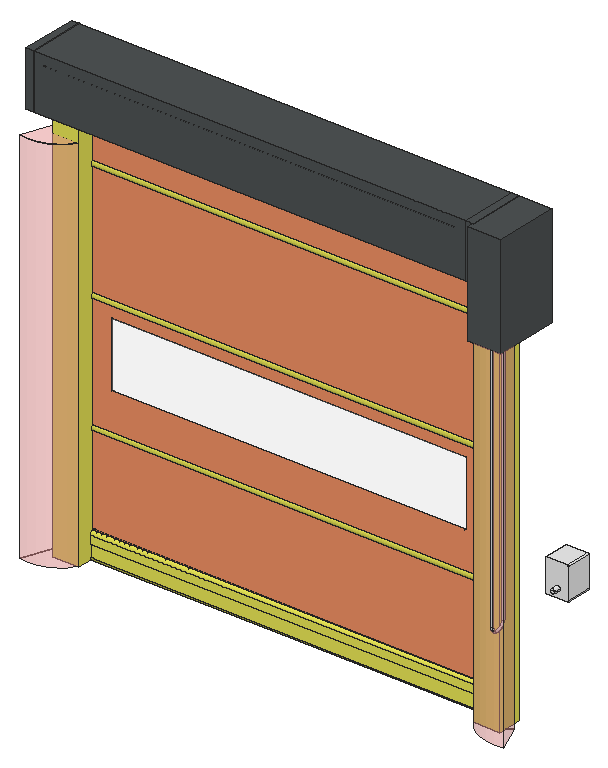
Revit family "Doors_Industrial_Wayne-Dalton_Strutted-Exterior-High-Speed-Fabric-Doors-Model-883-ADV-Xtreme", category Specialty Equipment, host Wall, Revit 2026
Family settings
  Host = Wall
  Round Connector Dimension = Use Diameter
  Part Type = Normal
  Classification Number = 23.30.10.21.34
  Enable Cutting in Views = No
  Always vertical = Yes
  Cut with Voids When Loaded = No
  Maintain Annotation Orientation = No
  Shared = No
  Room Calculation Point = No
Parameters (values of type "115 volts, one phase, 60 Hz (110-120V range)")
  Vision Panels [instance] = yes
  True Width [instance] = [Door Width (Real)]  # 120"
  True Height [instance] = [Door Height (Real)] + 6 1/2"  # 126 1/2"
  Three Phase Controller [instance] = not(One Phase Controller)  # no
  Rough Width [instance] = [Door Width (Real)]  # 120"
  Rough Height [instance] = [Door Height (Real)] - 4 1/2"  # 115 1/2"
  Product Page URL = "https://www.wayne-dalton.com/high-speed-exterior-fabric-door-883"
  Powder Coat (Note) = "Standard color for guides and bottom bar is yellow. Approximately 200 optional RAL powder coat colors are also available."  # constant formula
  Panel Material [instance] = PVC - Wayne Dalton - Orange (Exterior)
  One Phase Controller [instance] = if(Number of Poles = 1, 1 = 1, 1 = 2)  # yes
  Motor Cover [instance] = yes
  Hood Type [instance] = if(or(Hood Option < 1, Hood Option = 1), "Standard", "Sloped")  # "Standard"
  Hood Material = Metal - Wayne Dalton - Black
  Headroom Height [instance] = if(or(Hood Option < 1, Hood Option = 1), 27 1/2", if(or(Hood Option > 2, Hood Option = 2), 36 1/2", 36 1/2"))  # 27 1/2"
  Hood Option [instance] = 1
  External Transformer = if(or(Voltage = 208 V, Voltage = 575 V), 1 = 1, 1 = 2)  # no
  Door Width (Real) [instance] = if(Door Width > Max Door Width, Max Door Width, if(Door Width < Min Door Width, Min Door Width, Door Width))  # 120"
  Door Height (Real) [instance] = if(Door Height > Max Door Height, Max Door Height, if(Door Height < Min Door Height, Min Door Height, Door Height))  # 120"
  Voltage = 115 V
  URL = "https://www.wayne-dalton.com/"
  Product data url = "https://www.bimobject.com/wayne-dalton/product/high-speed-exterior-fabric-door-883"
  Product Guid = "d8381a5e-ac78-4f47-b5df-83490f72bf0d"
  Power Factor = 1
  Number of Poles = 1
  Model = "883"  # constant formula
  Min Door Width [instance] = 48"  # constant formula
  Min Door Height [instance] = 72"  # constant formula
  Max Door Width [instance] = 240"  # constant formula
  Max Door Height [instance] = 240"  # constant formula
  Manufacturer = "Wayne Dalton"  # constant formula
  Frequency = 60 Hz  # constant formula
  Wall Closure = By host
  Floor To (CL) of Shaft [instance] = [Door Height (Real)] + 5 1/2"  # 125 1/2"
  Default Elevation = 0"
  Connector Description = "Rapidflex Large Control Panel"  # constant formula
  Finish Material = Finish - Wayne Dalton - Yellow
  Door Width [instance] = 120"
  Door Height [instance] = 120"
  Description = "Made of a rugged fabric material, Wayne Dalton’s Model 883 ADV-Xtreme strutted high speed fabric door is designed for applications where a fast-acting exterior door is needed. Model 883 ADV-Xtreme’s strutted design allows for quick section replacement, while reducing curtain deflection under pressure. This door is capable of withstanding pressure of up to 19.5 psf. Model 883 ADV-Xtreme is designed to be low maintenance and includes such features as breakaway impact detection and push button self-repair, along with plug and play wiring."  # constant formula
  Current = 20 A
  Clearance [instance] = yes
  Backroom Depth [instance] = 17 1/4"  # constant formula
  Apparent Load Phase 3 = if(Number of Poles = 1, 0 VA, (Voltage * Current * sqrt(3)) / 3)  # 0 VA
  Apparent Load Phase 2 = if(Number of Poles = 1, 0 VA, (Voltage * Current * sqrt(3)) / 3)  # 0 VA
  Apparent Load Phase 1 = if(Number of Poles = 1, Voltage * Current, (Voltage * Current * sqrt(3)) / 3)  # 2300 VA
Reference planes (in)
  plane 1 "Center (Front/Back)": y = 0
  plane 2 "Center (Left/Right)": x = 0
  plane 3 "Left": x = -60
  plane 4 "Right": x = 60
  plane 5 "Exterior": y = 3.00375
  plane 6 "Interior": y = -2.99625
  plane 7: x = 60
  plane 8: x = -60
  plane 9: z = 115.5
  plane 10 "Main": y = -7.11344
  plane 11: y = -20.24625
  plane 12 "Main Door Block": y = -2.99625
  plane 13: z = 47.47
  plane 14: y = -5.16813
  plane 15: y = -5.24829
  plane 16: y = -5.08796
  plane 17: z = 120
Lines and regions (in)
  Opening 1
    outline origin (-90, -2.99625, 0) x (1, 0, 0) y (0, 0, 1)
      loop
        line (30, 0) -> (150, 0) -> (150, 115.5) -> (30, 115.5) -> (30, 0)
Text (in)
  text "Exterior" at (-74.96733, -29.37398, 0), in view "Ref. Level"
  text "Interior" at (-74.96733, 20.10035, 0), in view "Ref. Level"
  text "Exterior" at (0, 40.15149, 123.01588), in view "Right"
  text "Interior" at (0, -64.39139, 123.01588), in view "Right"
  text "Interior" at (0, -31.01599, 123.00693), in view "Left"
  text "Exterior" at (0, 54.57065, 123.00693), in view "Left"
Dimensions and locks (in)
  equal spacing: plane 3 "Left", plane 2 "Center (Left/Right)", plane 4 "Right"
  "Door Width (Real)": plane 3 "Left" to plane 4 "Right"
  level to host wall = 459.59655"
  equal spacing: plane 8, plane 2 "Center (Left/Right)", plane 7
  "Rough Width": plane 7 to plane 8
  "Backroom Depth": plane 6 "Interior" to plane 11
  plane 9 to level = 115 1/2"
  locked: plane 12 "Main Door Block" to plane 10 "Main" at 4.11719
  plane 1 "Center (Front/Back)" to plane 6 "Interior" = 2.99625"
  locked: plane 14 to plane 6 "Interior" at 2.17187
  locked: plane 15 to plane 16 at 0.16033
  equal spacing: plane 15, plane 14, plane 16
  locked: plane 17 to plane 9 at 4.5
  "Door Height (Real)": plane 17 to level
  aligned and locked: Opening 1 sketch curve to level
  aligned and locked: plane 5 "Exterior" to host wall
  aligned and locked: host wall to plane 6 "Interior"
  aligned and locked: plane 8 to Opening 1 sketch curve
  aligned and locked: plane 7 to Opening 1 sketch curve
  aligned and locked: plane 12 "Main Door Block" to plane 6 "Interior"
  aligned and locked: plane 12 "Main Door Block" to nested 1
  aligned and locked: nested 1 to plane 2 "Center (Left/Right)"
  aligned and locked: level to nested 1
  aligned and locked: Opening 1 sketch curve to plane 9
  aligned and locked: plane 2 "Center (Left/Right)" to nested 2
Nested families (in)
  nested 1: "Lifts" at (0, -2.99625, 0) x (-1, 0, 0) z (0, 0, 1), Motor Cover <- "Motor Cover", One Phase Controller <- "One Phase Controller", Three Phase Controller <- "Three Phase Controller", Header Option <- "Hood Option", type "Frame Unit"
    with Three Phase Controller no, Standard Motor Housing yes, Standard Headroom with Break Cover yes, Standard Headroom Hood yes, Sloped Motor Housing no, Sloped Headroom Hood no, Shaft Length 9 1/2", Rod 2 no, Right Motor Position yes, One Phase Controller yes, Motor Cover Off no, Motor Cover yes, Masking Region Right Motor Three Phase no, Masking Region Right Motor no, Headroom Offset 0", Header Option 1, Guid Option 1, Floor To CL Shaft 134 3/4", Electric Operator Position 171 1/2"
  nested 2: "Panel" at (0, -5.08796, 0), type "Panel"
Connectors (in)
  electrical at (85.75194, -10.53625, 47.99806), driven by "Number of Poles", driven by "Voltage", driven by "Apparent Load Phase 1", driven by "Power Factor", driven by "Connector Description", driven by "Apparent Load Phase 2", driven by "Apparent Load Phase 3"
    settings: on nested 1, index 1, voltage 115 V, apparent load 0 VA, apparent load phase1 2300 VA, apparent load phase2 0 VA, apparent load phase3 0 VA, power factor 1, load classification "Other", number of poles 1, system type 31, power factor state 1, is connector primary yes, connector utility no, sub classification motor no, connector description "Rapidflex Large Control Panel"
Definition of nested family "Lifts"
  Parameters (values of type "Frame Unit")
    Three Phase Controller [instance] = no
    Standard Motor Housing [instance] = if(and(Motor Cover, or(Header Option < 1, Header Option = 1)), 1 = 1, 1 = 2)  # no
    Standard Headroom with Break Cover [instance] = yes
    Standard Headroom Hood [instance] = if(and(Hood Option, or(Header Option < 1, Header Option = 1, Header Option = 2)), 1 = 1, 1 = 2)  # yes
    Spool Radius = 4 1/2"
    Sloped Motor Housing [instance] = if(and(Motor Cover, or(Header Option > 2, Header Option = 2)), 1 = 1, 1 = 2)  # yes
    Sloped Headroom Hood [instance] = if(and(Hood Option, or(Header Option > 2, Header Option = 2)), 1 = 1, 1 = 2)  # yes
    Shaft Material = none
    Shaft Length [instance] = 9 1/2"  # constant formula
    Rod 2 [instance] = if(and(not(Motor Cover), Right Motor Position), 1 = 1, 1 = 2)  # no
    Right Motor Position [instance] = yes
    Opening Width = 120"
    One Phase Controller [instance] = yes
    Naked Header = not(Hood Option)  # no
    Motor Cover Off [instance] = not(Motor Cover)  # no
    Motor Cover [instance] = yes
    Masking Region Right Motor Three Phase [instance] = if(and(Right Motor Position, Three Phase Controller), 1 = 1, 1 = 2)  # no
    Masking Region Right Motor [instance] = if(and(Right Motor Position, Motor Cover Off), 1 = 1, 1 = 2)  # no
    Hood Option = yes
    Hood Offset (Real) = if(Hood Offset < 4 1/2", 4 1/2", if(Hood Offset > Opening Height / 2, Opening Height / 2, Hood Offset))  # 4 1/2"
    Hood Offset = 0"
    Hood Material = none
    Headroom Offset [instance] = if(or(Header Option < 1, Header Option = 1), 0", if(or(Header Option > 2, Header Option = 2), 9", 9"))  # 9"
    Headroom Height = 27 1/2"
    Header Width = 17 1/4"
    Header Option [instance] = 2
    Header Height = 16 1/2"
    Guid Width = 8"
    Guid Option [instance] = 1
    Floor To CL Shaft [instance] = Opening Height + Headroom Height - 8 1/4" - Headroom Offset  # 125 3/4"
    External Transformer = no
    Electric Operator Position [instance] = if(Right Motor Position, (25 3/4" * 2 + Opening Width), 0")  # 171 1/2"
    Clearance = yes
    Opening Height = 115 1/2"
    Finish Material = none
    Bottom Bar = yes
    Analytic Construction = "<None>"
  Reference planes (in)
    plane 1 "Center (Front/Back)": y = 0
    plane 2: z = 0
    plane 3 "Center (Left/Right)": x = 0
    plane 4 "Left": x = -60
    plane 5 "Right": x = 60
    plane 6 "Center Line of Shaft": z = 125.75
    plane 7 "Headroom Top": z = 134
    plane 8 "Opening Height": z = 115.5
    plane 9: x = -77.38
    plane 10 "Shaft": x = -75.54413
    plane 11 "Box": x = -85.75
    plane 12 "EBOX": z = 48
    plane 13: z = 39.09375
    plane 14: z = 56.90625
    plane 15: z = 43.5
    plane 16: y = 7.54
    plane 17: z = 117.5
    plane 18: y = 17.25
    plane 19: x = 69.5
    plane 20: x = 68
    plane 21: x = -68
    plane 22: x = -78
    plane 23: x = -93.5
    plane 24: y = 5.75
    plane 25: y = 2.17
    plane 26 "Center L/MM": x = 85.75
    plane 27: z = 53
    plane 28: z = 43
    plane 29: x = -82.25
    plane 30: x = -89.25
    plane 31: y = 7.54
    plane 32 "1": z = 45.56
    plane 33 "Sloped motor LH": x = -71.125
    plane 34 "Sloped motor RH": x = 71.125
    plane 35: z = 143
    plane 36: y = 5.75
  Forms (in)
    Extrusion 1, solid, material <- "Shaft Material"
      sketch origin (0, 0, 0) x (0, 1, 0) y (0, 0, 1)
        loop
          circle (8.625, 125.75) r 0.78
      from -77.38 to 69.5
    Extrusion 2, solid, visible <- "Three Phase Controller"
      sketch origin (-1.95651, 0, 0) x (1, 0, 0) y (0, 0, 1)
        loop
          line (-76.54349, 56.90625) -> (-91.04349, 56.90625)
          arc (-91.04349, 56.90625) -> (-91.39704, 56.7598) -> (-91.54349, 56.40625) r 0.5
          line (-91.54349, 56.40625) -> (-91.54349, 39.59375)
          arc (-91.54349, 39.59375) -> (-91.39704, 39.2402) -> (-91.04349, 39.09375) r 0.5
          line (-91.04349, 39.09375) -> (-76.54349, 39.09375)
          arc (-76.54349, 39.09375) -> (-76.18993, 39.2402) -> (-76.04349, 39.59375) r 0.5
          line (-76.04349, 39.59375) -> (-76.04349, 56.40625)
          arc (-76.04349, 56.40625) -> (-76.18993, 56.7598) -> (-76.54349, 56.90625) r 0.5
      from -7.54 to 0
    Revolve 3, solid, visible <- "Three Phase Controller"
      sketch origin (-55.03203, -180, 43.5) x (-1, 0, 0) y (0, -1, 0)
        loop
          line (27.35797, -187.54) -> (26.60797, -187.54) -> (26.75797, -189.312) -> (27.35797, -189.312) -> (27.35797, -187.54)
        axis (27.35797, -187.54) -> (27.35797, -189.312)
      angle from 0 to 360
    Extrusion 4, solid, material <- "Finish Material"
      sketch origin (0, 0, 0) x (1, 0, 0) y (0, 1, 0)
        loop
          line (-68, 0) -> (-60, 0) -> (-60, 7.21875) -> (-68, 7.21875) -> (-68, 0)
        loop
          line (68, 0) -> (68, 7.21875) -> (60, 7.21875) -> (60, 0) -> (68, 0)
      from 0 to 117.5
    Extrusion 5, solid, material <- "Hood Material", visible <- "Standard Headroom Hood"
      sketch origin (0, 0, 0) x (0, 1, 0) y (0, 0, 1)
        loop
          line (0, 117.5) -> (17.25, 117.5) -> (17.25, 134) -> (0, 134) -> (0, 117.5)
      from -68 to 68
    Sweep 6, solid, material <- "Hood Material"
      path origin (0, 0, 0) x (0, 1, 0) y (0, 0, 1)
        loop
          line (0, 117.5) -> (17.25, 117.5) -> (17.25, 134) -> (0, 134) -> (0, 117.5)
      profile origin (0, 0, 125.75) x (0, -1, 0) y (1, 0, 0)
        loop
          line (0, -68) -> (0, -65.8) -> (-0.5, -65.8) -> (-0.5, -68) -> (0, -68)
        loop
          line (0, 68) -> (-0.5, 68) -> (-0.5, 65.80145) -> (0, 65.80145) -> (0, 68)
    Extrusion 7, solid, material <- "Hood Material"
      sketch origin (0, 0, 0) x (1, 0, 0) y (0, 1, 0)
        loop
          line (68, 0) -> (68, 17.25) -> (67.495, 17.25) -> (67.495, 0) -> (68, 0)
        loop
          line (-68, 0) -> (-67.495, 0) -> (-67.495, 17.25) -> (-68, 17.25) -> (-68, 0)
      from 117.5 to 134
    Extrusion 8, solid, material <- "Hood Material"
      sketch origin (-60, -60, 48) x (0, -1, 0) y (0, 0, 1)
        loop
          circle (-68.62, 77.75) r 4.5
      from 7.24519 to 6.06954
    Extrusion 9, solid, visible <- "External Transformer"
      sketch origin (0, 0, 48) x (1, 0, 0) y (0, 1, 0)
        loop
          line (-92.625, 0) -> (-78.875, 0) -> (-78.875, 0.125) -> (-81.25, 0.125) -> (-81.25, 9.3125) -> (-90.25, 9.3125) -> (-90.25, 0.125) -> (-92.625, 0.125) -> (-92.625, 0)
      from -19.13 to -10
    Extrusion 10, solid, visible <- "Clearance"
      sketch origin (0, 0, 0) x (1, 0, 0) y (0, 1, 0)
        loop
          arc (-60, 7.21875) -> (-65.92575, 12.04695) -> (-73.5406, 12.71032) r 13
          line (-73.5406, 12.71032) -> (-70.07548, 4.13387) -> (-68, 5.33215) -> (-68, 7.21875) -> (-60, 7.21875)
        loop
          line (60, 7.21875) -> (68, 7.21875) -> (68, 5.33215) -> (70.07548, 4.13387) -> (73.5406, 12.71032)
          arc (73.5406, 12.71032) -> (65.92575, 12.04695) -> (60, 7.21875) r 13
      from 0 to 115.5
    Extrusion 11, solid, material <- "Finish Material"
      sketch origin (0, 0, 0) x (0, 1, 0) y (0, 0, 1)
        loop
          arc (3.09, 7.16) -> (2.86326, 7.8255) -> (2.27736, 8.21412) r 1.09
          arc (2.27736, 8.21412) -> (2.24377, 8.18602) -> (2.22831, 8.14505) r 0.08624
          arc (2.22831, 8.14505) -> (2.17, 7.81318) -> (2.11169, 8.14505) r 0.17106
          arc (2.11169, 8.14505) -> (2.09623, 8.18602) -> (2.06264, 8.21412) r 0.08624
          arc (2.06264, 8.21412) -> (1.47674, 7.8255) -> (1.25, 7.16) r 1.09
          line (1.25, 7.16) -> (1.25, 4.64381) -> (1.48036, 4.64381) -> (1.48036, 0.69)
          arc (1.48036, 0.69) -> (1.68233, 0.20222) -> (2.17, 0) r 0.69
          arc (2.17, 0) -> (2.65767, 0.20222) -> (2.85964, 0.69) r 0.69
          line (2.85964, 0.69) -> (2.85964, 4.64381) -> (3.09, 4.64381) -> (3.09, 7.16)
      from -60 to 60
    Extrusion 12, solid, visible <- "One Phase Controller"
      sketch origin (0, 0, 0) x (1, 0, 0) y (0, 0, 1)
        loop
          line (-82.66553, 53) -> (-88.85, 53)
          arc (-88.85, 53) -> (-89.13284, 52.88284) -> (-89.25, 52.6) r 0.4
          line (-89.25, 52.6) -> (-89.25, 43.4)
          arc (-89.25, 43.4) -> (-89.13284, 43.11716) -> (-88.85, 43) r 0.4
          line (-88.85, 43) -> (-82.65, 43)
          arc (-82.65, 43) -> (-82.36716, 43.11716) -> (-82.25, 43.4) r 0.4
          line (-82.25, 43.4) -> (-82.25, 52.58447)
          arc (-82.25, 52.58447) -> (-82.37171, 52.87829) -> (-82.66553, 53) r 0.41553
      from -7.54 to 0
    Revolve 13, solid, visible <- "One Phase Controller"
      sketch origin (0, 0, 45.56) x (-1, 0, 0) y (0, -1, 0)
        loop
          line (85.75, -9.3125) -> (85.75, -7.54) -> (85, -7.54) -> (85.15, -9.3125) -> (85.75, -9.3125)
        axis (85.75, -9.3125) -> (85.75, -7.54)
      angle from 0 to 360
    Extrusion 14, solid, material <- "Hood Material"
      sketch origin (60, -60, 48) x (0, -1, 0) y (0, 0, -1)
        loop
          circle (-68.62, -77.75) r 4.5
      from 7.24519 to 6.06954
    Extrusion 15, solid, material <- "Hood Material", visible <- "Sloped Headroom Hood"
      sketch origin (0, 0.784, 29.19) x (0, 1, 0) y (0, 0, 1)
        loop
          line (16.466, 88.31) -> (16.466, 106.31) -> (-0.784, 113.81) -> (-0.784, 88.31) -> (16.466, 88.31)
        loop
          line (15.966, 104.31) -> (-0.284, 104.31) -> (-0.284, 88.81) -> (15.966, 88.81) -> (15.966, 104.31)
      from -68 to 68
  Cuts and joins
    joined: Sweep 6, Extrusion 7
  Lines and regions (in)
    Masking region 1, visible <- "Three Phase Controller"
      outline origin (0, 0, 0) x (1, 0, 0) y (0, 1, 0)
        loop
          line (-93.5, 0) -> (-78, 0) -> (-78, 7.54) -> (-93.5, 7.54) -> (-93.5, 0)
    Masking region 2, visible <- "Masking Region Right Motor Three Phase"
      outline origin (0, 0, 0) x (1, 0, 0) y (0, 1, 0)
        loop
          line (-81.64, 7.54) -> (-81.79, 9.312) -> (-82.99, 9.312) -> (-83.14, 7.54) -> (-81.64, 7.54)
    Masking region 3, visible <- "External Transformer"
      outline origin (0, 0, 0) x (1, 0, 0) y (0, 1, 0)
        loop
          line (-90.25, 7.54) -> (-81.25, 7.54) -> (-81.25, 9.3125) -> (-90.25, 9.3125) -> (-90.25, 7.54)
    Masking region 4, not visible
      outline origin (-205.49871, -5.75, 0) x (0, 1, 0) y (-1, 0, 0)
        loop
          line (13.29, -115.63871) -> (13.29, -117.13871) -> (15.062, -116.98871) -> (15.062, -115.78871) -> (13.29, -115.63871)
    Masking region 5, visible <- "Hood Option"
      outline origin (0, 0, 0) x (1, 0, 0) y (0, 1, 0)
        loop
          line (-68, 17.25) -> (-68, 0) -> (68, 0) -> (68, 17.25) -> (-68, 17.25)
    Masking region 6, visible <- "One Phase Controller"
      outline origin (0, 0, 0) x (1, 0, 0) y (0, 1, 0)
        loop
          line (-89.25, 7.54) -> (-89.25, 0) -> (-82.27704, 0) -> (-82.27704, 7.54) -> (-89.25, 7.54)
    Masking region 7, visible <- "One Phase Controller"
      outline origin (0, 0, 0) x (1, 0, 0) y (0, 1, 0)
        loop
          line (-86.35, 9.3125) -> (-86.5, 7.54) -> (-85, 7.54) -> (-85.15, 9.3125) -> (-86.35, 9.3125)
    Masking region 8, visible <- "Right Motor Position"
      outline origin (0, 0, 0) x (1, 0, 0) y (0, 1, 0)
        loop
          line (68, 9.40101) -> (68, 7.84631) -> (69.5, 7.84631) -> (69.5, 9.40101) -> (68, 9.40101)
    Masking region 9, visible <- "Rod 2"
      outline origin (0, 0, 0) x (0, 1, 0) y (-1, 0, 0)
        loop
          line (9.40101, 77.38) -> (7.84631, 77.38) -> (7.84631, 76.22375) -> (8.19397, 76.22375) -> (8.19397, 75.69375) -> (9.40101, 75.69375) -> (9.40101, 77.38)
        loop
          line (9.40101, 68) -> (9.40101, 69.93) -> (8.71101, 69.93) -> (8.71101, 71.16) -> (9.40101, 71.16) -> (9.40101, 71.76) -> (8.19397, 71.76) -> (8.19397, 71.23) -> (7.84631, 71.23) -> (7.84631, 68) -> (9.40101, 68)
    symbolic lines, not visible
      curve 1: line (-65.8, 7.78111, 0) -> (-65.8, 6.21995, 0)
      curve 2: line (65.80145, 7.78111, 0) -> (65.80145, 5.875, 0)
      curve 3: line (60, 1.09992, 0) -> (60, 0, 0)
    symbolic lines
      curve 4: line (-65.8, 17.25, 0) -> (-65.8, 0, 0)
      curve 5: line (65.80145, 17.25, 0) -> (65.80145, 0, 0)
  Dimensions and locks (in)
    equal spacing: plane 4 "Left", plane 3 "Center (Left/Right)", plane 5 "Right"
    "Opening Width": plane 4 "Left" to plane 5 "Right"
    "Header Height": plane 7 "Headroom Top" to plane 17
    "Opening Height": plane 8 "Opening Height" to level
    locked: level to plane 12 "EBOX" at 48
    locked: plane 11 "Box" to Revolve 3 sketch curve at 3.36
    equal spacing: plane 14, plane 12 "EBOX", plane 13
    locked: plane 12 "EBOX" to plane 15 at 4.5
    locked: plane 13 to plane 14 at 17.8125
    locked: plane 10 "Shaft" to plane 4 "Left" at 15.54413
    plane 11 "Box" to plane 10 "Shaft" = 10.20587"
    locked: plane 16 to plane 1 "Center (Front/Back)" at 7.54
    locked: Revolve 3 sketch curve to Revolve 3 sketch curve at 0.6
    locked: Revolve 3 sketch curve to Revolve 3 sketch curve at 0.75
    locked: plane 16 to Revolve 3 sketch curve at 1.772
    "Guid Width": Extrusion 4 sketch curve to plane 4 "Left"
    locked: plane 1 "Center (Front/Back)" to Extrusion 4 sketch curve at 7.21875
    "Header Width": plane 1 "Center (Front/Back)" to Extrusion 5 sketch curve
    Extrusion 5 to plane 4 "Left" = 8"
    plane 5 "Right" to Extrusion 5 = 8"
    "Header Width": plane 1 "Center (Front/Back)" to Sweep 6 sketch curve
    "Header Width": plane 1 "Center (Front/Back)" to Extrusion 7 sketch curve  (x2)
    "Header Width": plane 1 "Center (Front/Back)" to plane 18
    plane 21 to nested 1 = 5.729"
    "Guid Width": plane 4 "Left" to plane 21
    "Guid Width": plane 5 "Right" to plane 20
    locked: Extrusion 7 sketch curve to plane 20 at 0.505
    locked: plane 21 to Extrusion 7 sketch curve at 0.505
    locked: plane 11 "Box" to plane 23 at 7.75
    locked: plane 22 to plane 11 "Box" at 7.75
    locked: plane 1 "Center (Front/Back)" to Extrusion 9 sketch curve at 0.125
    locked: plane 11 "Box" to Extrusion 9 sketch curve at 4.5
    locked: Extrusion 9 sketch curve to plane 11 "Box" at 4.5
    locked: Extrusion 9 sketch curve to plane 11 "Box" at 6.875
    locked: plane 11 "Box" to Extrusion 9 sketch curve at 6.875
    plane 1 "Center (Front/Back)" to Extrusion 9 sketch curve = 9 5/16"
    locked: plane 18 to Extrusion 8 sketch curve at 8.63
    plane 18 to Extrusion 1 sketch curve = 8 5/8"
    locked: Extrusion 4 sketch curve to Extrusion 4 sketch curve at 7.21875
    "Guid Width": Extrusion 4 sketch curve to Extrusion 4 sketch curve
    plane 20 to plane 21 = 136"
    locked: cut or joined group of Sweep 6, Extrusion 7 to Sweep 6 sketch curve at 0.5
    locked: plane 1 "Center (Front/Back)" to plane 25 at 2.17
    "Electric Operator Position": plane 11 "Box" to plane 26 "Center L/MM"
    equal spacing: Masking region 1 sketch curve, plane 11 "Box", Masking region 1 sketch curve
    locked: Masking region 1 sketch curve to Masking region 1 sketch curve at 15.5
    "Floor To CL Shaft": plane 6 "Center Line of Shaft" to plane 2
    plane 8 "Opening Height" to level = 115 1/2"
    equal spacing: plane 28, plane 12 "EBOX", plane 27
    locked: plane 28 to plane 27 at 10
    locked: plane 1 "Center (Front/Back)" to plane 31 at 7.54
    locked: plane 31 to Revolve 13 sketch curve at 1.7725
    locked: plane 12 "EBOX" to plane 32 "1" at 2.44
    locked: plane 11 "Box" to Revolve 13 sketch curve at 0.75
    locked: plane 11 "Box" to Revolve 13 sketch curve at 0.6
    locked: Extrusion 11 sketch curve to plane 2 at 8.22233
    equal spacing: Extrusion 11 sketch curve, plane 25, Extrusion 11 sketch curve  (x2)
    locked: Extrusion 11 sketch curve to Extrusion 11 sketch curve at 1.37927
    locked: Extrusion 11 sketch curve to plane 2 at 4.64381
    locked: Extrusion 11 sketch curve to plane 2 at 7.98424
    equal spacing: plane 34 "Sloped motor RH", plane 3 "Center (Left/Right)", plane 33 "Sloped motor LH"
    locked: plane 4 "Left" to plane 33 "Sloped motor LH" at 11.125
    "Shaft Length": plane 5 "Right" to plane 19
    locked: plane 9 to plane 4 "Left" at 17.38
    "Headroom Offset": plane 35 to plane 7 "Headroom Top"
    "Headroom Height": plane 35 to plane 8 "Opening Height"
    locked: plane 29 to plane 11 "Box" at 3.5
    locked: plane 11 "Box" to plane 30 at 3.5
    locked: plane 20 to plane 26 "Center L/MM" at 17.75
    plane 5 "Right" to plane 26 "Center L/MM" = 25 3/4"
    locked: plane 1 "Center (Front/Back)" to Extrusion 10 sketch curve at 13
    locked: plane 21 to Sweep 6 sketch curve at 2.2
    locked: Sweep 6 sketch curve to plane 20 at 2.19855
    locked: Extrusion 14 to plane 20 at 0.75481
    locked: plane 21 to Extrusion 8 at 0.75481
    locked: Extrusion 8 to Extrusion 8 at 1.17565
    locked: Extrusion 14 to Extrusion 14 at 1.17565
    locked: Extrusion 11 sketch curve to Extrusion 11 sketch curve at 1.84
    locked: Extrusion 15 sketch curve to cut or joined group of Sweep 6, Extrusion 7 at 0.5
    locked: plane 18 to Extrusion 14 sketch curve at 8.63
    locked: plane 9 to Masking region 9 sketch curve at 1.68625
    locked: Masking region 9 sketch curve to plane 21 at 1.93
    locked: Masking region 9 sketch curve to Masking region 9 sketch curve at 1.23
    locked: Masking region 9 sketch curve to Masking region 9 sketch curve at 0.6
    locked: Masking region 9 sketch curve to Masking region 9 sketch curve at 1.20704
    locked: Masking region 9 sketch curve to Masking region 9 sketch curve at 0.69
    locked: Extrusion 15 sketch curve to Extrusion 15 sketch curve at 25.5
    plane 26 "Center L/MM" to plane 19 = 16 1/4"
    locked: Extrusion 1 sketch curve to Extrusion 1 sketch curve (radius 0.78")
    "Spool Radius": radius of Extrusion 8 sketch curve
    "Spool Radius": radius of Extrusion 14 sketch curve
    radius of Extrusion 10 sketch curve = 13"  (x2)
    locked: Revolve 3 to Masking region 2 sketch curve (angle 85.1614°)
    locked: Masking region 2 sketch curve to Revolve 3 (angle 85.1614°)
    locked: Masking region 7 sketch curve to Revolve 13 (angle 85.1628°)
    locked: Revolve 13 to Masking region 7 sketch curve (angle 85.1628°)
    locked: Extrusion 15 sketch curve to Extrusion 15 sketch curve (angle 66.5014°)
    locked: Extrusion 15 sketch curve to Extrusion 15 sketch curve (angle 113.499°)
    aligned and locked: plane 2 to level
    aligned and locked: plane 9 to Extrusion 1
    aligned and locked: Extrusion 2 to plane 1 "Center (Front/Back)"
    aligned and locked: Extrusion 2 sketch curve to plane 13
    aligned and locked: plane 14 to Extrusion 2 sketch curve
    aligned and locked: Revolve 3 sketch curve to Revolve 3 sketch curve
    aligned and locked: plane 16 to Revolve 3 sketch curve
    aligned and locked: plane 1 "Center (Front/Back)" to Extrusion 5 sketch curve
    aligned and locked: Extrusion 5 sketch curve to plane 7 "Headroom Top"
    aligned and locked: Extrusion 5 to plane 17
    aligned and locked: plane 17 to Extrusion 5 sketch curve
    aligned and locked: plane 17 to Extrusion 4
    aligned and locked: plane 1 "Center (Front/Back)" to Sweep 6 sketch curve
    aligned and locked: Sweep 6 sketch curve to plane 7 "Headroom Top"
    aligned and locked: Sweep 6 sketch curve to plane 17
    aligned and locked: profile plane to Sweep 6 sketch curve
    aligned and locked: Extrusion 7 sketch curve to plane 1 "Center (Front/Back)"  (x2)
    aligned and locked: plane 7 "Headroom Top" to Extrusion 7
    aligned and locked: Extrusion 7 to plane 17
    aligned and locked: Masking region 2 sketch curve to Revolve 3  (x2)
    aligned and locked: Extrusion 1 to plane 19
    aligned and locked: Extrusion 7 sketch curve to plane 21
    aligned and locked: Extrusion 7 sketch curve to plane 20
    aligned and locked: plane 22 to Extrusion 2 sketch curve
    aligned and locked: plane 23 to Extrusion 2 sketch curve
    aligned and locked: Extrusion 9 sketch curve to plane 1 "Center (Front/Back)"
    aligned and locked: Extrusion 9 sketch curve to Extrusion 9 sketch curve
    aligned and locked: Masking region 3 sketch curve to Extrusion 9  (x2)
    aligned and locked: Extrusion 9 to Masking region 3 sketch curve
    aligned and locked: plane 6 "Center Line of Shaft" to Extrusion 8 sketch curve
    aligned and locked: plane 6 "Center Line of Shaft" to Extrusion 1 sketch curve
    aligned and locked: Extrusion 4 sketch curve to plane 1 "Center (Front/Back)"  (x2)
    aligned and locked: plane 20 to Extrusion 4 sketch curve
    aligned and locked: Extrusion 10 to level
    aligned and locked: cut or joined group of Sweep 6, Extrusion 7 to plane 21
    aligned and locked: cut or joined group of Sweep 6, Extrusion 7 to plane 18  (x2)
    aligned and locked: cut or joined group of Sweep 6, Extrusion 7 to plane 1 "Center (Front/Back)"
    aligned and locked: plane 1 "Center (Front/Back)" to cut or joined group of Sweep 6, Extrusion 7
    aligned and locked: plane 20 to cut or joined group of Sweep 6, Extrusion 7
    aligned and locked: Sweep 6 sketch curve to cut or joined group of Sweep 6, Extrusion 7
    aligned and locked: Extrusion 5 to plane 21
    aligned and locked: plane 20 to Extrusion 5
    aligned and locked: plane 7 "Headroom Top" to nested 1
    aligned and locked: plane 8 "Opening Height" to Extrusion 10
    aligned and locked: nested 1 to plane 21
    aligned and locked: Extrusion 11 to plane 5 "Right"
    aligned and locked: plane 4 "Left" to Extrusion 11
    aligned and locked: plane 18 to Masking region 5 sketch curve
    aligned and locked: Masking region 5 sketch curve to plane 1 "Center (Front/Back)"
    aligned and locked: Masking region 5 sketch curve to plane 21
    aligned and locked: Masking region 5 sketch curve to plane 20
    aligned and locked: cut or joined group of Sweep 6, Extrusion 7 to curve 2
    aligned and locked: curve 1 to cut or joined group of Sweep 6, Extrusion 7
    aligned and locked: plane 27 to Extrusion 12 sketch curve
    aligned and locked: Extrusion 12 sketch curve to plane 28
    aligned and locked: Extrusion 12 sketch curve to plane 29
    aligned and locked: plane 1 "Center (Front/Back)" to Extrusion 12
    aligned and locked: Revolve 13 sketch curve to Revolve 13 sketch curve
    aligned and locked: Revolve 13 sketch curve to plane 31
    aligned and locked: Masking region 7 sketch curve to Revolve 13
    aligned and locked: Masking region 3 to Masking region 7 sketch curve
    aligned and locked: Extrusion 11 sketch curve to Extrusion 11 sketch curve
    aligned and locked: plane 25 to Extrusion 11 sketch curve
    aligned and locked: plane 4 "Left" to Extrusion 10 sketch curve
    aligned and locked: plane 21 to Sweep 6 sketch curve
    aligned and locked: Sweep 6 sketch curve to Sweep 6 sketch curve
    aligned and locked: plane 6 "Center Line of Shaft" to Extrusion 14 sketch curve
    aligned and locked: plane 19 to Masking region 8 sketch curve  (x2)
    aligned and locked: plane 20 to Masking region 8 sketch curve  (x2)
    aligned and locked: Extrusion 15 to plane 18
    aligned and locked: plane 1 "Center (Front/Back)" to Extrusion 15
    aligned and locked: Extrusion 15 to plane 17
    aligned and locked: Extrusion 15 to plane 21
    aligned and locked: plane 20 to Extrusion 15
    aligned and locked: nested 1 to plane 1 "Center (Front/Back)"
    aligned and locked: Masking region 9 sketch curve to Masking region 9 sketch curve
    aligned and locked: plane 9 to Masking region 9 sketch curve
    aligned and locked: Extrusion 2 to Masking region 6
    aligned and locked: Masking region 4 to Extrusion 2
    aligned and locked: Extrusion 2 to Revolve 3
    aligned and locked: plane 18 to curve 4
    aligned and locked: curve 4 to plane 1 "Center (Front/Back)"
    aligned and locked: plane 18 to curve 5
    aligned and locked: plane 1 "Center (Front/Back)" to curve 5
    aligned and locked: Extrusion 10 sketch curve to plane 21
    aligned and locked: plane 21 to Extrusion 10 sketch curve
    aligned and locked: Extrusion 10 sketch curve to Extrusion 4
    aligned and locked: Extrusion 10 sketch curve to plane 20
    aligned and locked: plane 20 to Extrusion 10 sketch curve
    aligned and locked: plane 5 "Right" to Extrusion 10 sketch curve
  Automatic sketch dimensions
    Extrusion 2 sketch curve to Extrusion 2 sketch curve = 1/2"
    Extrusion 2 sketch curve to plane 14 = 1/2"
    Extrusion 2 sketch curve to plane 22 = 1/2"  (x2)
    Revolve 3 sketch curve to plane 18 = 7.38505"
    Revolve 3 sketch curve to plane 25 = 0.90036"
    Sweep 6 sketch curve to Sweep 6 sketch curve = 2.19855"
    Masking region 1 sketch curve to plane 1 "Center (Front/Back)" = 0"
    plane 18 to Masking region 1 sketch curve = 9.71"
    plane 11 "Box" to Masking region 2 sketch curve = 2.61"
    Masking region 2 sketch curve to Masking region 2 sketch curve = 1.2"
    Masking region 3 sketch curve to Masking region 3 sketch curve = 1.7725"
    Extrusion 11 sketch curve to plane 25 = 0"
    plane 25 to Extrusion 11 sketch curve = 0.17"
    plane 25 to Extrusion 11 sketch curve = 0.14408"
    plane 25 to Extrusion 11 sketch curve = 0.00036"
    Extrusion 11 sketch curve to plane 25 = 0.00036"
    Extrusion 11 sketch curve to plane 25 = 0.14408"
    Extrusion 11 sketch curve to plane 25 = 0.17"
    level to Extrusion 11 sketch curve = 0.69"
    Extrusion 11 sketch curve to Extrusion 11 sketch curve = 211/256"
    Extrusion 11 sketch curve to Extrusion 11 sketch curve = 0"
    Extrusion 11 sketch curve to Extrusion 11 sketch curve = 0.15185"  (x2)
    plane 25 to Extrusion 11 sketch curve = 0.05831"
    Extrusion 11 sketch curve to plane 25 = 0.05831"
    plane 18 to Masking region 4 sketch curve = 9.71"
    Masking region 4 sketch curve to Masking region 4 sketch curve = 1.772"
    Masking region 4 sketch curve to plane 11 "Box" = 2.61"
    Masking region 4 sketch curve to Masking region 4 sketch curve = 0.15"
    Masking region 4 sketch curve to Masking region 4 sketch curve = 1.2"
    Masking region 4 sketch curve to Masking region 4 sketch curve = 1 1/2"
    Extrusion 12 sketch curve to plane 30 = 0"
    Extrusion 12 sketch curve to plane 27 = 0.4"
    Extrusion 12 sketch curve to plane 15 = 0.1"  (x2)
    Extrusion 12 sketch curve to plane 27 = 0.41553"
    Revolve 13 sketch curve to plane 11 "Box" = 0"
    Revolve 13 sketch curve to plane 31 = 0"
    Revolve 13 sketch curve to Revolve 13 sketch curve = 0"
    Masking region 6 sketch curve to plane 1 "Center (Front/Back)" = 0"
    Masking region 6 sketch curve to plane 11 "Box" = 3 1/2"
    plane 11 "Box" to Masking region 6 sketch curve = 3.47296"
    plane 18 to Masking region 6 sketch curve = 9.71"
    Masking region 7 sketch curve to plane 11 "Box" = 3/4"
    plane 11 "Box" to Masking region 7 sketch curve = 0.6"
    Masking region 8 sketch curve to Masking region 8 sketch curve = 1 71/128"
    Masking region 9 sketch curve to plane 21 = 0"
    Masking region 9 sketch curve to plane 33 "Sloped motor LH" = 0.105"
    Masking region 9 sketch curve to Masking region 9 sketch curve = 0.53"
    Extrusion 15 sketch curve to plane 18 = 0"
    Extrusion 15 sketch curve to plane 35 = 0"
    Extrusion 15 sketch curve to plane 1 "Center (Front/Back)" = 1/2"
    plane 18 to Extrusion 15 sketch curve = 1/2"
    Extrusion 15 sketch curve to plane 7 "Headroom Top" = 1/2"
    Extrusion 15 sketch curve to plane 1 "Center (Front/Back)" = 0"
    curve 3 to plane 5 "Right" = 0"
    plane 1 "Center (Front/Back)" to curve 3 = 0"
    plane 21 to curve 4 = 2.2"
    curve 5 to plane 20 = 2.19855"
    plane 25 to curve 3 = 1.07008"
    curve 2 to plane 25 = 3.705"
    curve 1 to plane 25 = 4.04995"
    curve 2 to curve 2 = 1.90611"
    curve 1 to curve 1 = 1.56115"
    plane 1 "Center (Front/Back)" to Extrusion 10 sketch curve = 0"
    plane 33 "Sloped motor LH" to Extrusion 10 sketch curve = 1.04952"
    plane 33 "Sloped motor LH" to Extrusion 10 sketch curve = 0.31345"
    Extrusion 10 sketch curve to plane 10 "Shaft" = 2.00354"
    Extrusion 10 sketch curve to plane 34 "Sloped motor RH" = 1.04952"
    plane 34 "Sloped motor RH" to Extrusion 10 sketch curve = 2.4156"
    Extrusion 10 sketch curve to plane 25 = 1.96387"  (x2)
    Extrusion 10 sketch curve to Extrusion 10 sketch curve = 1.8866"  (x2)
    Masking region 8 sketch curve to plane 25 = 5.67631"
    Masking region 9 sketch curve to plane 25 = 5.67631"  (x2)
    Masking region 9 sketch curve to Masking region 9 sketch curve = 89/256"
    Masking region 9 sketch curve to Masking region 9 sketch curve = 0.51704"
    Masking region 9 sketch curve to Masking region 9 sketch curve = 0.69"
    Extrusion 4 sketch curve to plane 4 "Left" = 0"
  Nested families (in)
    nested 1: "General Motor" at (-73.729, 3.29167, 128.199), visible <- "Right Motor Position", Motor Cover <- "Motor Cover", Standard Motor Hausing <- "Standard Motor Housing", Sloped Motor Housing <- "Sloped Motor Housing", type "Family2"
      with Standard Motor Hausing no, Sloped Motor Housing yes, Motor Cover Off no, Motor Cover yes, Floor To Cl Shaft 125 3/4"
  Definition of nested family "General Motor"
    Parameters (values of type "Family2")
      Standard Motor Hausing [instance] = yes
      Sloped Motor Housing [instance] = yes
      Shaft Material = none
      Opening Height = 115 1/2"
      Motor Cover Off [instance] = not(Motor Cover)  # no
      Motor Cover [instance] = yes
      Hood Material = none
      Floor To Cl Shaft = 110.251"
      Finish Material = none
      Default Elevation = 48"
      Chain Length = CL of Shaft - 48" - 19.31"  # 58.44"
      CL of Shaft = 125 3/4"
      Amount of Panels = 5
    Reference planes (in)
      plane 1 "Center (Front/Back)": y = 0
      plane 2: z = 0
      plane 3 "Center (Left/Right)": x = 0
      plane 4: z = 2.835
      plane 5: z = -21.046
      plane 6: z = -19.665
      plane 7: z = -21.811
      plane 8: z = -80.251
      plane 9: x = 5.729
      plane 10: z = -5.699
      plane 11: x = -4.271
      plane 12: z = -110.251
    Forms (in)
      Revolve 1, solid, material <- "Shaft Material"
        sketch origin (0, 0, -155.79) x (0, 0, -1) y (0, -1, 0)
          loop
            line (-158.625, -8.066) -> (-134.744, -8.066) -> (-134.744, -6.99312) -> (-136.091, -6.365) -> (-138.289, -6.365) -> (-138.289, -5.714) -> (-140.769, -5.586) -> (-142.108, -5.519) -> (-146.951, -5.519) -> (-148.093, -5.704) -> (-148.349, -5.704) -> (-156.66, -5.468) -> (-158.625, -5.468) -> (-158.625, -8.066)
          axis (-134.744, -8.066) -> (-158.625, -8.066)
        angle from 0 to 360
      Extrusion 2, solid, material <- "Shaft Material"
        sketch origin (0, 0, -155.79) x (0, 0, -1) y (0, -1, 0)
          loop
            line (-142.108, -13.875) -> (-142.108, -7.875) -> (-146.951, -7.875) -> (-146.951, -13.875) -> (-142.108, -13.875)
        from -2.5 to 2.5
      Extrusion 3, solid, material <- "Shaft Material"
        sketch origin (51.311, 0, -2.5) x (-1, 0, 0) y (0, -1, 0)
          loop
            line (45.582, -1.755) -> (45.582, -3.496) -> (45.832, -3.496) -> (45.832, -1.82199) -> (46.73959, -0.25) -> (52.45925, -0.25) -> (52.45925, 0) -> (46.59525, 0) -> (45.582, -1.755)
        from -4.56 to 4.56
      Extrusion 4, void
        sketch origin (51.311, 0, -155.79) x (1, 0, 0) y (0, 0, 1)
          loop
            line (-48.772, 148.73) -> (-52.45925, 148.73) -> (-52.45925, 149.98) -> (-50.72525, 149.98) -> (-50.72525, 156.6) -> (-52.45925, 156.6) -> (-52.45925, 157.85) -> (-48.772, 157.85) -> (-45.582, 157.0155) -> (-45.582, 159.2655) -> (-55.082, 159.2655) -> (-55.082, 147.3145) -> (-45.582, 147.3145) -> (-45.582, 149.5645) -> (-48.772, 148.73)
        from -15.80227 to 5
      Extrusion 5, solid, material <- "Shaft Material"
        sketch origin (0, 0, -155.79) x (0, 0, -1) y (0, -1, 0)
          loop
            line (-143.525, -4.641) -> (-143.525, -1.441) -> (-148.515, -1.18157) -> (-148.84, -1.18157) -> (-148.84, -1.57157) -> (-150.11271, -1.57157) -> (-150.11271, -4.51043) -> (-148.84, -4.51043) -> (-148.84, -4.90043) -> (-148.515, -4.90043) -> (-143.525, -4.641)
        from -2.5 to 2.5
      Extrusion 6, void
        sketch origin (51.311, 0, -155.79) x (1, 0, 0) y (0, 0, 1)
          loop
            line (-48.811, 148.515) -> (-49.24757, 143.525) -> (-53.37443, 143.525) -> (-53.811, 148.515) -> (-55.811, 148.515) -> (-55.811, 142.515) -> (-46.811, 142.515) -> (-46.811, 148.515) -> (-48.811, 148.515)
        from -4.90043 to -1.18157
      Extrusion 7, solid, material <- "Shaft Material"
        sketch origin (0, 0, -155.79) x (0, 0, -1) y (0, -1, 0)
          loop
            line (-149.944, -0.25) -> (-156.636, -0.25) -> (-156.636, -9.069) -> (-149.944, -9.069) -> (-149.944, -0.25)
        from -1.97 to 1.97
      Extrusion 8, solid, material <- "Shaft Material"
        sketch origin (6.36891, 0, -155.79) x (0, 0, -1) y (0, -1, 0)
          loop
            line (-133.979, -10.6) -> (-133.979, -5.4) -> (-136.125, -5.4)
            arc (-136.125, -5.4) -> (-138.725, -8) -> (-136.125, -10.6) r 2.6
            line (-136.125, -10.6) -> (-133.979, -10.6)
        from 2.565 to 3.79891
      Extrusion 9, solid, material <- "Shaft Material"
        sketch origin (0, 0, -155.79) x (0, 0, -1) y (0, -1, 0)
          loop
            circle (-136.09491, -8.066) r 1.34
        from -2.57 to 2.565
      Sweep 10, solid, material <- "Shaft Material"
        path origin (6.36891, 0, -155.79) x (0, 0, -1) y (0, -1, 0)
          loop
            line (-133.979, -10.4375) -> (-75.539, -10.4375)
            arc (-75.539, -10.4375) -> (-73.1015, -8) -> (-75.539, -5.5625) r 2.4375
            line (-75.539, -5.5625) -> (-133.979, -5.5625)
        profile origin (6.36891, 10.4375, -51.031) x (-1, 0, 0) y (0, -1, 0)
          loop
            circle (3.18196, 0.2675) r 0.2675
      Extrusion 11, solid, material <- "Hood Material", visible <- "Standard Motor Hausing"
        sketch origin (5.729, 3.755, 48) x (0, -1, 0) y (0, 0, 1)
          loop
            line (-12.39083, -42.199) -> (-12.39083, -73.199) -> (7.04667, -73.199) -> (7.04667, -42.199) -> (-12.39083, -42.199)
        from 10 to 0
      Extrusion 12, void
        sketch origin (5.729, 1.755, 48) x (0, -1, 0) y (0, 0, 1)
          loop
            line (-2.645, -65.432) -> (-2.645, -44.63) -> (-9.977, -44.63) -> (-9.977, -65.432) -> (-2.645, -65.432)
        from 1.92509 to 8.35492
      Extrusion 13, solid, material <- "Hood Material", visible <- "Sloped Motor Housing"
        sketch origin (0, 0, 0) x (0, 1, 0) y (0, 0, 1)
          loop
            line (16.14583, -25.199) -> (16.14583, 6.35296) -> (-3.29167, 14.80463) -> (-3.29167, -21.82555) -> (16.14583, -25.199)
        from -4.271 to 5.729
    Cuts and joins
      Extrusion 4 cuts Extrusion 3
      Extrusion 6 cuts Extrusion 5
      Extrusion 12 cuts Extrusion 11
    Lines and regions (in)
      Masking region 1, visible <- "Motor Cover Off"
        outline origin (0, 0, 0) x (1, 0, 0) y (0, 1, 0)
          loop
            line (-2.5, 13.875) -> (-2.5, 9.406) -> (-2.565, 9.406) -> (-2.565, 6.726) -> (-2.22576, 6.726)
            arc (-2.22576, 6.726) -> (-2.10532, 6.54376) -> (-1.97, 6.37228) r 2.598
            line (-1.97, 6.37228) -> (-1.97, 4.90043) -> (-2.5, 4.90043) -> (-2.5, 1.18157) -> (-1.97, 1.18157) -> (-1.97, 0.25881) -> (1.97, 0.25881) -> (1.97, 1.18157) -> (2.5, 1.18157) -> (2.5, 4.90043) -> (1.97, 4.90043) -> (1.97, 6.37228)
            arc (1.97, 6.37228) -> (2.10532, 6.54376) -> (2.22576, 6.726) r 2.598
            line (2.22576, 6.726) -> (2.565, 6.726) -> (2.565, 5.4) -> (3.79891, 5.4) -> (3.79891, 10.6) -> (2.565, 10.6) -> (2.565, 9.406) -> (2.5, 9.406) -> (2.5, 13.875) -> (-2.5, 13.875)
          loop
            line (5.479, 3.496) -> (5.479, 1.82199) -> (4.57141, 0.25) -> (-1.14825, 0.25) -> (-1.14825, 0) -> (4.71575, 0) -> (5.729, 1.755) -> (5.729, 3.496) -> (5.479, 3.496)
      Masking region 2, visible <- "Motor Cover Off"
        outline origin (0, 0, 0) x (1, 0, 0) y (0, 1, 0)
          loop
            circle (0, 8.066) r 2.598
          loop
            line (-2.5, 4.90043) -> (-2.5, 4.51043) -> (-1.97, 4.51043) -> (-1.97, 4.90043) -> (-2.5, 4.90043)
          loop
            line (-2.5, 1.57157) -> (-2.5, 1.18157) -> (-1.97, 1.18157) -> (-1.97, 1.57157) -> (-2.5, 1.57157)
          loop
            line (1.97, 1.57157) -> (1.97, 1.18157) -> (2.5, 1.18157) -> (2.5, 1.57157) -> (1.97, 1.57157)
          loop
            line (1.97, 4.90043) -> (1.97, 4.51043) -> (2.5, 4.51043) -> (2.5, 4.90043) -> (1.97, 4.90043)
      Masking region 3, visible <- "Motor Cover"
        outline origin (0, 0, 0) x (1, 0, 0) y (0, 1, 0)
          loop
            line (5.729, 16.14583) -> (-4.271, 16.14583) -> (-4.271, -3.29167) -> (5.729, -3.29167) -> (5.729, 16.14583)
      symbolic lines, visible <- "Motor Cover Off"
        curve 1: line (-1.97, 6.37228, 0) -> (-1.97, 0.626, 0)
        curve 2: line (1.97, 6.37228, 0) -> (1.97, 0.626, 0)
        curve 3: line (2.5, 13.875, 0) -> (2.5, 8.77283, 0)
        curve 4: line (2.57, 7.6856, 0) -> (2.57, 5.4, 0)
        curve 5: line (2.565, 9.406, 0) -> (2.565, 8.47877, 0)
        curve 6: line (-2.5, 9.406, 0) -> (-2.5, 8.77283, 0)
    Dimensions and locks (in)
      locked: plane 4 to plane 5 at 23.881
      locked: Extrusion 7 sketch curve to Extrusion 7 sketch curve at 8.819
      locked: Extrusion 8 sketch curve to plane 6 at 2.146
      level to plane 7 = 21.811"
      locked: plane 3 "Center (Left/Right)" to plane 9 at 5.729
      Extrusion 11 sketch curve to Extrusion 11 sketch curve = 19 7/16"
      Extrusion 11 sketch curve to plane 1 "Center (Front/Back)" = 3.29167"
      locked: plane 1 "Center (Front/Back)" to Extrusion 12 sketch curve at 4.4
      locked: plane 1 "Center (Front/Back)" to Extrusion 12 sketch curve at 11.732
      locked: Extrusion 12 sketch curve to level at 3.37
      locked: level to Extrusion 12 sketch curve at 17.432
      locked: Extrusion 11 sketch curve to Extrusion 11 sketch curve at 31
      locked: plane 11 to plane 9 at 10
      Extrusion 13 sketch curve to cut or joined group of Extrusion 11, Extrusion 12 = 0.55196"
      locked: Extrusion 13 sketch curve to cut or joined group of Extrusion 11, Extrusion 12 at 19.4375
      locked: plane 12 to plane 8 at 30
      "Floor To Cl Shaft": level to plane 12
      locked: Extrusion 13 sketch curve to Extrusion 13 sketch curve (angle 66.50°)
      aligned and locked: plane 2 to level
      aligned and locked: Revolve 1 sketch curve to plane 4
      aligned and locked: plane 5 to Revolve 1 sketch curve
      aligned and locked: plane 4 to Revolve 1 sketch curve
      aligned and locked: Revolve 1 sketch curve to Revolve 1 sketch curve
      aligned and locked: plane 7 to Sweep 10 sketch curve  (x2)
      aligned and locked: plane 8 to Sweep 10 sketch curve  (x2)
      aligned and locked: Extrusion 11 to plane 9
      aligned and locked: plane 11 to cut or joined group of Extrusion 11, Extrusion 12
      aligned and locked: cut or joined group of Extrusion 11, Extrusion 12 to Masking region 3 sketch curve
      aligned and locked: plane 11 to Masking region 3 sketch curve
      aligned and locked: plane 9 to Masking region 3 sketch curve
      aligned and locked: Masking region 3 sketch curve to cut or joined group of Extrusion 11, Extrusion 12
      aligned and locked: Extrusion 13 to plane 9
      aligned and locked: plane 11 to Extrusion 13
      aligned and locked: cut or joined group of Extrusion 11, Extrusion 12 to Extrusion 13 sketch curve
      aligned and locked: Masking region 3 to cut or joined group of Extrusion 11, Extrusion 12
    Automatic sketch dimensions
      Revolve 1 sketch curve to plane 5 = 0"
      Revolve 1 sketch curve to plane 4 = 1.965"
      Revolve 1 sketch curve to level = 7.441"
      Revolve 1 sketch curve to Revolve 1 sketch curve = 0.256"
      Revolve 1 sketch curve to Revolve 1 sketch curve = 1.142"
      Revolve 1 sketch curve to Revolve 1 sketch curve = 4.843"
      Revolve 1 sketch curve to Revolve 1 sketch curve = 1.339"
      Revolve 1 sketch curve to Revolve 1 sketch curve = 2.48"
      plane 5 to Revolve 1 sketch curve = 1.347"
      Revolve 1 sketch curve to plane 1 "Center (Front/Back)" = 8.066"
      Revolve 1 sketch curve to Revolve 1 sketch curve = 1.07288"
      Revolve 1 sketch curve to Revolve 1 sketch curve = 0.62812"
      Revolve 1 sketch curve to Revolve 1 sketch curve = 0.651"
      Revolve 1 sketch curve to plane 1 "Center (Front/Back)" = 5.704"
      Revolve 1 sketch curve to Revolve 1 sketch curve = 0.128"
      Revolve 1 sketch curve to Revolve 1 sketch curve = 0.067"
      Revolve 1 sketch curve to Revolve 1 sketch curve = 2.598"
      Extrusion 2 sketch curve to level = 8.839"
      Extrusion 2 sketch curve to Extrusion 2 sketch curve = 4.843"
      Extrusion 2 sketch curve to plane 1 "Center (Front/Back)" = 13 7/8"
      Extrusion 2 sketch curve to Extrusion 2 sketch curve = 6"
      plane 1 "Center (Front/Back)" to Extrusion 3 sketch curve = 0"
      Extrusion 3 sketch curve to plane 1 "Center (Front/Back)" = 1.755"
      plane 3 "Center (Left/Right)" to Extrusion 3 sketch curve = 5.729"
      Extrusion 3 sketch curve to Extrusion 3 sketch curve = 1/4"  (x2)
      Extrusion 3 sketch curve to Extrusion 3 sketch curve = 0.76325"
      Extrusion 3 sketch curve to Extrusion 3 sketch curve = 0.14434"
      Extrusion 3 sketch curve to plane 3 "Center (Left/Right)" = 1.14825"
      Extrusion 3 sketch curve to Extrusion 3 sketch curve = 0.06699"
      Extrusion 3 sketch curve to Extrusion 3 sketch curve = 1.67401"
      Extrusion 4 sketch curve to plane 3 "Center (Left/Right)" = 3.771"
      Extrusion 4 sketch curve to plane 3 "Center (Left/Right)" = 1.14825"  (x2)
      plane 3 "Center (Left/Right)" to Extrusion 4 sketch curve = 0.58575"
      Extrusion 4 sketch curve to Extrusion 4 sketch curve = 1.95325"  (x2)
      Extrusion 4 sketch curve to Extrusion 4 sketch curve = 3.19"  (x2)
      Extrusion 4 sketch curve to level = 8.4755"
      Extrusion 4 sketch curve to Extrusion 4 sketch curve = 1.4155"
      Extrusion 4 sketch curve to Extrusion 4 sketch curve = 2 1/4"  (x2)
      Extrusion 4 sketch curve to Extrusion 4 sketch curve = 1 1/4"  (x2)
      level to Extrusion 4 sketch curve = 0.81"
      level to Extrusion 4 sketch curve = 1.2255"
      Extrusion 5 sketch curve to level = 5.67729"
      Extrusion 5 sketch curve to Extrusion 5 sketch curve = 1.27271"  (x2)
      Extrusion 5 sketch curve to plane 1 "Center (Front/Back)" = 1.18157"
      Extrusion 5 sketch curve to Extrusion 5 sketch curve = 0.325"  (x2)
      Extrusion 5 sketch curve to plane 1 "Center (Front/Back)" = 1.441"
      Extrusion 5 sketch curve to Extrusion 5 sketch curve = 4.99"
      Extrusion 5 sketch curve to Extrusion 5 sketch curve = 0.39"  (x2)
      Extrusion 5 sketch curve to Extrusion 5 sketch curve = 2.93885"
      Extrusion 5 sketch curve to Extrusion 5 sketch curve = 3.2"
      Extrusion 6 sketch curve to plane 3 "Center (Left/Right)" = 4 1/2"
      Extrusion 6 sketch curve to Extrusion 6 sketch curve = 2"
      Extrusion 6 sketch curve to plane 3 "Center (Left/Right)" = 2.06343"
      plane 3 "Center (Left/Right)" to Extrusion 6 sketch curve = 2.06343"
      plane 3 "Center (Left/Right)" to Extrusion 6 sketch curve = 2 1/2"
      Extrusion 6 sketch curve to Extrusion 6 sketch curve = 2.43657"
      Extrusion 6 sketch curve to level = 13.275"
      Extrusion 6 sketch curve to Extrusion 6 sketch curve = 1.01"
      Extrusion 6 sketch curve to level = 7.275"  (x2)
      Extrusion 7 sketch curve to plane 1 "Center (Front/Back)" = 1/4"
      level to Extrusion 7 sketch curve = 0.846"
      Extrusion 7 sketch curve to level = 5.846"
      Extrusion 8 sketch curve to plane 6 = 0"
      Extrusion 8 sketch curve to plane 1 "Center (Front/Back)" = 10.6"
      Extrusion 8 sketch curve to Extrusion 8 sketch curve = 2.6"
      Extrusion 9 sketch curve to plane 1 "Center (Front/Back)" = 8.066"
      Extrusion 9 sketch curve to level = 19.69509"
      Sweep 10 sketch curve to profile plane = 0.2675"
      profile plane to Sweep 10 sketch curve = 3.18196"
      Masking region 2 sketch curve to plane 3 "Center (Left/Right)" = 0"
      Masking region 2 sketch curve to plane 3 "Center (Left/Right)" = 1.97"  (x2)
      Masking region 2 sketch curve to Masking region 2 sketch curve = 0.53"  (x4)
      plane 3 "Center (Left/Right)" to Masking region 2 sketch curve = 1.97"  (x2)
      Masking region 2 sketch curve to plane 1 "Center (Front/Back)" = 1.18157"  (x2)
      Masking region 2 sketch curve to Masking region 2 sketch curve = 0.39"  (x4)
      Masking region 2 sketch curve to Masking region 2 sketch curve = 2.93885"  (x2)
      Masking region 2 sketch curve to Masking region 2 sketch curve = 3.16557"
      Masking region 1 sketch curve to Masking region 1 sketch curve = 0"  (x2)
      plane 1 "Center (Front/Back)" to Masking region 1 sketch curve = 0"
      Masking region 1 sketch curve to plane 3 "Center (Left/Right)" = 0"
      Masking region 1 sketch curve to plane 1 "Center (Front/Back)" = 1/4"
      Masking region 1 sketch curve to plane 3 "Center (Left/Right)" = 1.14825"
      Masking region 1 sketch curve to plane 3 "Center (Left/Right)" = 1.97"
      Masking region 1 sketch curve to Masking region 1 sketch curve = 0.82175"
      Masking region 1 sketch curve to Masking region 1 sketch curve = 0.25576"  (x2)
      Masking region 1 sketch curve to Masking region 1 sketch curve = 0.53"  (x2)
      Masking region 1 sketch curve to plane 3 "Center (Left/Right)" = 2 1/2"
      plane 3 "Center (Left/Right)" to Masking region 1 sketch curve = 1.97"  (x2)
      plane 3 "Center (Left/Right)" to Masking region 1 sketch curve = 2 1/2"
      Masking region 1 sketch curve to Masking region 1 sketch curve = 0.33924"  (x2)
      Masking region 1 sketch curve to Masking region 1 sketch curve = 0.065"
      Masking region 1 sketch curve to Masking region 1 sketch curve = 1.23391"
      Masking region 1 sketch curve to Masking region 1 sketch curve = 2.07141"
      Masking region 1 sketch curve to Masking region 1 sketch curve = 0.14434"
      Masking region 1 sketch curve to Masking region 1 sketch curve = 1.68009"
      Masking region 1 sketch curve to Masking region 1 sketch curve = 1/4"
      Masking region 1 sketch curve to plane 1 "Center (Front/Back)" = 0.25881"
      Masking region 1 sketch curve to Masking region 1 sketch curve = 0.92276"  (x2)
      Masking region 1 sketch curve to plane 1 "Center (Front/Back)" = 1.755"
      Masking region 1 sketch curve to Masking region 1 sketch curve = 0.06699"
      Masking region 1 sketch curve to Masking region 1 sketch curve = 1.67401"
      Masking region 1 sketch curve to Masking region 1 sketch curve = 3.71885"  (x2)
      Masking region 1 sketch curve to Masking region 1 sketch curve = 0.49957"
      Masking region 1 sketch curve to Masking region 1 sketch curve = 0.97228"
      Masking region 1 sketch curve to Masking region 1 sketch curve = 1.47185"
      Masking region 1 sketch curve to Masking region 1 sketch curve = 0.35372"
      Masking region 1 sketch curve to Masking region 1 sketch curve = 2.68"  (x2)
      Masking region 1 sketch curve to Masking region 1 sketch curve = 1.194"
      Masking region 1 sketch curve to Masking region 1 sketch curve = 4.469"
      curve 6 to plane 3 "Center (Left/Right)" = 2 1/2"
      curve 1 to plane 1 "Center (Front/Back)" = 0.626"
      curve 1 to plane 3 "Center (Left/Right)" = 1.97"
      curve 2 to plane 1 "Center (Front/Back)" = 0.626"
      plane 3 "Center (Left/Right)" to curve 2 = 1.97"
      curve 2 to curve 3 = 0.53"
      curve 3 to curve 5 = 0.065"
      curve 5 to curve 4 = 0.005"
      curve 2 to curve 4 = 4.774"
      curve 4 to curve 2 = 0.97228"
      curve 1 to curve 2 = 0"
      curve 2 to curve 4 = 1.31333"
      curve 4 to curve 5 = 0.79317"
      curve 1 to curve 6 = 2.40055"
      curve 5 to curve 3 = 0.29406"
      curve 6 to curve 6 = 0.63317"
      curve 3 to curve 5 = 0.63317"
      curve 5 to curve 3 = 4.469"
      Extrusion 11 sketch curve to plane 10 = 19 1/2"
      plane 1 "Center (Front/Back)" to Masking region 3 sketch curve = 3.29167"
      Extrusion 13 sketch curve to level = 21.82555"
      Extrusion 13 sketch curve to Extrusion 13 sketch curve = 3.37345"
      Sweep 10 sketch curve to plane 1 "Center (Front/Back)" = 10 7/16"
      Sweep 10 sketch curve to Sweep 10 sketch curve = 2 7/16"
      radius of Extrusion 9 sketch curve = 1.34"
      radius of Sweep 10 sketch curve = 0.2675"
      radius of Masking region 2 sketch curve = 2.598"
Definition of nested family "Panel"
  Parameters (values of type "Panel")
    Window Width = (Width - 10" * (Dop Array Count) - 6" * 2) / Array Count  # 108"
    Window Thickness = 0.16"  # constant formula
    Window Material = none
    Window Height = 20"
    Width = 120"
    Void Offset = 0"
    VP = yes
    Struts Array Visibility = if(Struts Array < 2, 1 = 2, 1 = 1)  # yes
    Struts Array Real = if(Struts Array < 2, 2, Struts Array)  # 3
    Struts Array = rounddown((Height Real - 0.82") / 36")  # 3
    Struts 1 Visibility = if(Struts Array < 2, 1 = 1, 1 = 2)  # no
    Reverse Offset = 0"
    Panel Material = none
    Offset = 0"
    No VP = not(VP)  # no
    Negative Window Thickness = -Window Thickness  # -0.16"
    Many Window = if(No VP, 1 = 2, not([1 Window]))  # no
    Hood Offset = 6 1/2"  # constant formula
    Height Real = Height + Hood Offset  # 126 1/2"
    Height = 120"
    Headroom Option = 1
    Finish Material = none
    Dop Array Count = Array Count - 1  # 0
    Default Elevation = 48"
    Array Count Real = if(Array Count = 1, 2, Array Count)  # 2
    Array Count = if(or(Width < 120", Width = 120"), 1, if(or(Width = 168", Width < 168"), 2, if(Width > 168", 3, 3)))  # 1
    1 Window Offset = if(Array Count = 3, Width / 2, 6" + (Window Width / 2))  # 60"
    1 Window = if(No VP, 1 = 2, if(Array Count = 1, 1 = 1, 1 = 2))  # yes
  Reference planes (in)
    plane 1 "Center (Front/Back)": y = 0
    plane 2: z = 0
    plane 3 "Center (Left/Right)": x = 0
    plane 4: z = 126.5
    plane 5: x = -60
    plane 6: x = 60
    plane 7: x = -68
    plane 8: x = 68
    plane 9: x = -54
    plane 10: x = 54
    plane 11: z = 48
    plane 12: z = 68
    plane 13: x = -8
    plane 14: x = 0
    plane 15: z = 58
    plane 16: z = 36.82
    plane 17: z = 72.82
  Forms (in)
    Extrusion 1, solid, material <- "Panel Material", visible <- "VP"
      sketch origin (0, 0, 0) x (1, 0, 0) y (0, 0, 1)
        loop
          line (-60, 0.5) -> (60, 0.5) -> (60, 126.5) -> (-60, 126.5) -> (-60, 0.5)
      from 0 to 0.16 <- "Window Thickness"
    Extrusion 2, solid, material <- "Window Material", visible <- "1 Window"
      sketch origin (0, 0, 0) x (1, 0, 0) y (0, 0, 1)
        loop
          line (-54, 68) -> (-54, 48) -> (54, 48) -> (54, 68) -> (-54, 68)
      from 0 to 0.16
    Extrusion 3, void
      sketch origin (0, 0, 0) x (1, 0, 0) y (0, 0, 1)
        loop
          line (-54, 68) -> (-54, 48) -> (54, 48) -> (54, 68) -> (-54, 68)
      from 0 to 0.16
    Extrusion 4, void
      sketch origin (0, 0, 0) x (1, 0, 0) y (0, 0, 1)
        loop
          line (-54, 68) -> (-54, 48) -> (54, 48) -> (54, 68) -> (-54, 68)
      from 0 to 0.16
    Extrusion 5, void
      sketch origin (0, 0, 0) x (1, 0, 0) y (0, 0, 1)
        loop
          line (54, 68) -> (-54, 68) -> (-54, 48) -> (54, 48) -> (54, 68)
      from 0 to 0.16
    Extrusion 6, solid, material <- "Panel Material", visible <- "No VP"
      sketch origin (0, 0, 0) x (1, 0, 0) y (0, 0, 1)
        loop
          line (-60, 0.5) -> (60, 0.5) -> (60, 126.5) -> (-60, 126.5) -> (-60, 0.5)
      from 0 to 0.16
    Extrusion 7, solid, material <- "Window Material", visible <- "1 Window"
      sketch origin (0, 0, 0) x (1, 0, 0) y (0, 0, 1)
        loop
          line (-54, 68) -> (-54, 48) -> (54, 48) -> (54, 68) -> (-54, 68)
      from 0 to 0.16 <- "Window Thickness"
